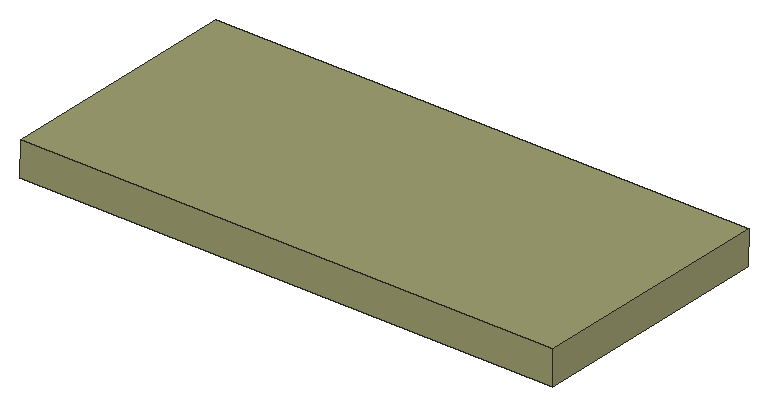
Revit family "Ecowool Partition Wall BAtts (11kgm3)", category Generic Models, host Face, Revit 2020
Family settings
  Host = Face
  Can host rebar = No
  Round Connector Dimension = Use Diameter
  Part Type = Normal
  Cut with Voids When Loaded = No
  Shared = No
  Room Calculation Point = No
Parameters (values of type "R2.5 - 110mm")
  Width [instance] = 800 mm
  URL = "www.ecowool.com.my"
  Type of Insulation = "Glass Mineral Wool Blanket"
  Thermal R value = 2.5
  Thermal K value = 0.0366
  Remarks = ""
  Material Specification = ""
  Manufacturer = "PGF Insulation Sdn. Bhd."
  Insulation Thickness = 110 mm
  Length(mm) [instance] = 1740 mm
  Finish = Partition Wall Batts
  ECOWOOL Product thickness in mm = ""
  Description = "ECOWOOL Brownie blanket and slabs are resilient, non-combustible, glass mineral wool products, supplied at roofing and walling application for residential and commercial building"
  Density = 11.00 kg/m³
  Default Elevation = 1219.2 mm
Types (5, lengths in mm): name | Thermal R value | Insulation Thickness
  (no name) | 2.5 | 110
  R1.2 - 50mm | 1.2 | 50
  R2.1 - 90mm | 2.1 | 90
  R2.5 - 110mm | 2.5 | 110
  R1.8 - 75mm | 1.8 | 75
Reference planes
  plane 1 "Center (Front/Back)": y = 0
  plane 2: z = 0
  plane 3 "Center (Left/Right)": x = 0
  plane 4: x = 1740
  plane 5: y = -400
  plane 6: y = 400
Forms (mm)
  Sweep 1, solid, material "Partition Wall Batts" <- "Finish"
    path origin (0, 0, 0) x (1, 0, 0) y (0, 1, 0)
      loop
        line (0, 0) -> (1740, 0)
    profile origin (870, 0, 0) x (0, 1, 0) y (0, 0, 1)
      loop
        line (-400, 110) -> (-400, 0) -> (400, 0) -> (400, 110) -> (-400, 110)
Lines and regions (mm)
  reference lines
    curve 1: line (0, 0, 0) -> (1740, 0, 0)
Dimensions and locks
  "Width": plane 5 to plane 6
  equal spacing: plane 5, plane 1 "Center (Front/Back)", plane 6
  "Length(mm)": plane 3 "Center (Left/Right)" to plane 4
  "Insulation Thickness": host face to Sweep 1 sketch curve
  aligned and locked: plane 2 to host face
  aligned and locked: level to host face
  aligned and locked: plane 3 "Center (Left/Right)" to curve 1
  aligned and locked: plane 4 to curve 1
  aligned and locked: plane 3 "Center (Left/Right)" to Sweep 1 sketch curve
  aligned and locked: plane 4 to Sweep 1 sketch curve
  aligned and locked: level to Sweep 1 sketch curve
  aligned and locked: plane 6 to Sweep 1 sketch curve
  aligned and locked: Sweep 1 sketch curve to plane 5
Automatic sketch dimensions
  host sketch curve to host sketch curve = 1616.306 mm
  host sketch curve to host sketch curve = 2438.4 mm
  plane 1 "Center (Front/Back)" to curve 1 = 0 mm
  plane 1 "Center (Front/Back)" to Sweep 1 sketch curve = 0 mm
